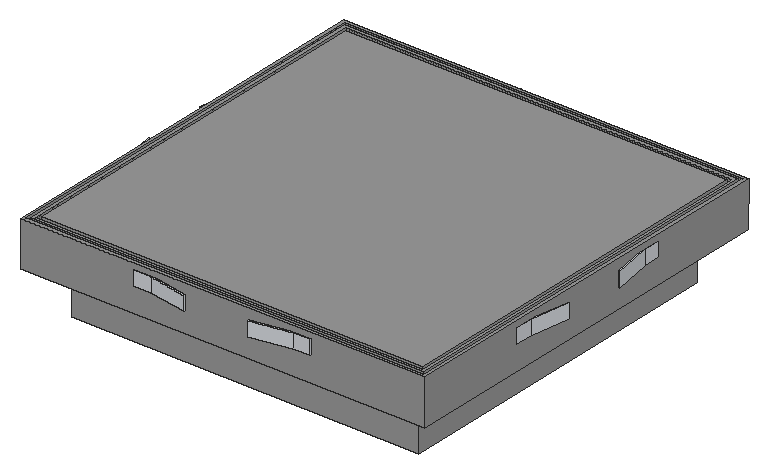
Revit family "WAPT-600-600", category Generic Models, host Floor, Revit 2017
Family settings
  Host = Floor
  Can host rebar = No
  Round Connector Dimension = Use Diameter
  Part Type = Normal
  Always vertical = Yes
  Cut with Voids When Loaded = No
  Shared = Yes
  Room Calculation Point = No
Parameters (values of type "WAPT-600-600")
  vloerluik = geanodiseerd aluminium
  frame = geanodiseerd aluminium frame
  Weight (kg) = 24
  URL = "https://www.gortergroup.com/nl/producten/vloerluiken/wapt.html"
  Offset [instance] = 0 mm
  Model = "WAPT"
  C = 400 mm
  Bevestiging = "Frame gelaste ankers"
  Belastbaarheid = "7,5 kN/m² volgens NEN-EN1991"
  B = 600 mm
  A = 600 mm
Types (6, lengths in mm): name | Weight (kg) | B | A
  (no name) | 24 | 600 | 600
  WAPT-600-600 | 24 | 600 | 600
  WAPT-800-800 | 30 | 800 | 800
  WAPT-1000-1000 | 48 | 1000 | 1000
  WAPT-1000-1500 | 103 | 1000 | 1500
  WAPT-1000-2000 | 125 | 1000 | 2000
Reference planes
  plane 1 "Center (Front/Back)": y = 0
  plane 2: z = 0
  plane 3 "Center (Left/Right)": x = 0
  plane 4: y = 300
  plane 5: y = -300
  plane 6: x = -300
  plane 7: x = 300
  plane 8: z = -400
  plane 9: x = -355
  plane 10: y = 355
  plane 11: x = 355
  plane 12: y = -355
  plane 13: x = -332.5
  plane 14: x = 332.5
  plane 15: y = 332.5
  plane 16: y = -332.5
  plane 17: x = -282.5
  plane 18: x = 282.5
  plane 19: x = 305
  plane 20: y = 305
  plane 21: x = -305
  plane 22: y = -305
  plane 23: z = -75
  plane 24: x = 240
  plane 25: x = -240
  plane 26: y = 155
  plane 27: y = -155
  plane 28: x = 155
  plane 29: x = -155
  plane 30: x = 355
  plane 31: x = -355
  plane 32: x = -334.5
  plane 33: x = 334.5
  plane 34: y = -334.5
  plane 35: y = 334.5
  plane 36 "Top": z = 0
  plane 37: z = -25
  plane 38: z = -30
  plane 39: z = -10
  plane 40: y = 263
  plane 41: y = -263
Forms (mm)
  Extrusion 1, void
    sketch origin (0, 0, 0) x (1, 0, 0) y (0, 1, 0)
      loop
        line (-305, 305) -> (-305, -305) -> (305, -305) -> (305, 305) -> (-305, 305)
    from -400 to 0
  Sweep 2, solid, material "geanodiseerd aluminium frame" <- "frame"
    path origin (0, 0, 0) x (-1, 0, 0) y (0, -1, 0)
      loop
        line (300, -300) -> (300, 300) -> (-300, 300) -> (-300, -300) -> (300, -300)
    profile "WAPT_randprofiel : WAG_randprofiel" origin (-300, 0, 0) x (-1, 0, 0) y (0, 0, 1)
      loop
        line (55, -80) -> (55, 0) -> (50, 0) -> (50, -75) -> (5, -75) -> (5, -35) -> (0, -35) -> (0, -160) -> (5, -160) -> (5, -80) -> (55, -80)
  Sweep 3, void
    path origin (0, 0, 0) x (1, 0, 0) y (0, 1, 0)
      loop
        line (-300, 300) -> (-300, -300) -> (300, -300) -> (300, 300) -> (-300, 300)
    profile origin (-300, 0, 0) x (-1, 0, 0) y (0, 0, 1)
      loop
        line (0, 0) -> (0, -130) -> (55, -130) -> (55, 0) -> (0, 0)
  Sweep 4, solid, material "geanodiseerd aluminium frame" <- "frame"
    path origin (0, 0, 0) x (-1, 0, 0) y (0, -1, 0)
      loop
        line (263, -263) -> (263, 263) -> (-263, 263) -> (-263, -263) -> (263, -263)
    profile "WAPT_binnenprofiel : WAG_binnenprofiel" origin (-263, 0, 0) x (-1, 0, 0) y (0, 0, 1)
      loop
        line (0, -80) -> (5, -80) -> (5, -30) -> (82, -30) -> (82, 0) -> (77, 0) -> (77, -25) -> (0, -25) -> (0, -80)
  Extrusion 5, solid, material "geanodiseerd aluminium frame" <- "frame"
    sketch origin (-2542.234, 300, 4000) x (-1, 0, 0) y (0, 0, 1)
      loop
        line (-2279.234, -4025) -> (-2805.234, -4025) -> (-2805.234, -4030) -> (-2279.234, -4030) -> (-2279.234, -4025)
    from -37 to -563
  Extrusion 6, solid, material "geanodiseerd aluminium" <- "vloerluik"
    sketch origin (-2542.234, 300, 4015) x (-1, 0, 0) y (0, 0, 1)
      loop
        line (-2207.734, -4015) -> (-2876.734, -4015) -> (-2876.734, -4040) -> (-2207.734, -4040) -> (-2207.734, -4015)
    from 34.5 to -634.5
Cuts and joins
  joined: Sweep 4, Extrusion 5
Lines and regions (mm)
  model lines, style "draairichting"
    curve 1: line (-345, 345, 0) -> (0, -345, 0)
    curve 2: line (0, -345, 0) -> (350, 350, 0)
Dimensions and locks
  equal spacing: plane 6, plane 3 "Center (Left/Right)", plane 7
  "A": plane 6 to plane 7
  equal spacing: plane 5, plane 1 "Center (Front/Back)", plane 4
  "B": plane 5 to plane 4
  "C": level to plane 8
  locked: plane 12 to plane 5 at 55
  locked: plane 9 to plane 6 at 55
  locked: plane 7 to plane 11 at 55
  locked: plane 10 to plane 4 at 55
  locked: plane 16 to plane 5 at 32.5
  locked: plane 15 to plane 4 at 32.5
  locked: plane 13 to plane 6 at 32.5
  locked: plane 7 to plane 14 at 32.5
  locked: plane 9 to plane 17 at 72.5
  locked: plane 18 to plane 11 at 72.5
  locked: plane 6 to Sweep 4 sketch curve at 37
  Sweep 4 sketch curve to plane 7 = 37 mm
  locked: plane 12 to plane 22 at 50
  locked: plane 10 to plane 20 at 50
  locked: plane 9 to plane 21 at 50
  locked: plane 19 to plane 11 at 50
  locked: level to plane 23 at 75
  plane 7 to plane 24 = 60 mm
  locked: plane 25 to plane 6 at 60
  plane 10 to plane 26 = 200 mm
  locked: plane 12 to plane 27 at 200
  locked: plane 28 to plane 11 at 200
  locked: plane 9 to plane 29 at 200
  locked: plane 3 "Center (Left/Right)" to plane 30 at 355
  locked: plane 31 to plane 3 "Center (Left/Right)" at 355
  plane 13 to plane 9 = 22.5 mm
  locked: plane 32 to plane 9 at 20.5
  locked: plane 33 to plane 11 at 20.5
  locked: plane 12 to plane 34 at 20.5
  plane 35 to plane 10 = 20.5 mm
  cut or joined group of Sweep 4, Extrusion 5 to Sweep 2 to Sweep 2 = 5 mm, 125 mm
  locked: plane 36 "Top" to plane 37 at 25
  locked: plane 37 to plane 38 at 5
  locked: plane 36 "Top" to plane 39 at 10
  "Offset": plane 36 "Top" to level
  locked: plane 40 to plane 4 at 37
  locked: plane 5 to plane 41 at 37
  aligned and locked: level to plane 2
  aligned and locked: Extrusion 1 to plane 8
  aligned and locked: level to Extrusion 1
  aligned and locked: Sweep 2 sketch curve to plane 4
  aligned and locked: plane 6 to Sweep 2 sketch curve
  aligned and locked: Sweep 2 sketch curve to plane 5
  aligned and locked: Sweep 2 sketch curve to plane 7
  aligned and locked: Sweep 3 sketch curve to plane 9
  aligned and locked: plane 6 to Sweep 3 sketch curve
  aligned and locked: plane 2 to Sweep 3 sketch curve
  aligned and locked: Extrusion 1 sketch curve to plane 19
  aligned and locked: Extrusion 1 sketch curve to plane 20
  aligned and locked: plane 21 to Extrusion 1 sketch curve
  aligned and locked: Extrusion 1 sketch curve to plane 22
  aligned and locked: nested 1 to plane 11
  aligned and locked: nested 1 to plane 26
  aligned and locked: nested 2 to plane 9
  aligned and locked: plane 26 to nested 2
  aligned and locked: plane 27 to nested 3
  aligned and locked: nested 4 to plane 27
  aligned and locked: plane 11 to nested 3
  aligned and locked: plane 11 to nested 1
  aligned and locked: plane 10 to nested 5
  aligned and locked: plane 28 to nested 5
  aligned and locked: nested 6 to plane 10
  aligned and locked: nested 6 to plane 29
  aligned and locked: plane 12 to nested 7
  aligned and locked: nested 8 to plane 12
  aligned and locked: plane 29 to nested 8
  aligned and locked: nested 7 to plane 28
  aligned and locked: plane 9 to nested 4
  aligned and locked: cut or joined group of Sweep 4, Extrusion 5 to Extrusion 5 sketch curve
  aligned and locked: Extrusion 5 sketch curve to cut or joined group of Sweep 4, Extrusion 5
  aligned and locked: Extrusion 6 to plane 32
  aligned and locked: Extrusion 6 to plane 33
  aligned and locked: plane 34 to Extrusion 6
  aligned and locked: plane 35 to Extrusion 6
  aligned and locked: plane 37 to cut or joined group of Sweep 4, Extrusion 5
  aligned and locked: cut or joined group of Sweep 4, Extrusion 5 to plane 38
  aligned and locked: plane 36 "Top" to Extrusion 6
  aligned and locked: Extrusion 6 to plane 37
  aligned and locked: plane 39 to nested 3
  aligned and locked: nested 1 to plane 39
  aligned and locked: plane 39 to nested 5
  aligned and locked: nested 6 to plane 39
  aligned and locked: nested 4 to plane 39
  aligned and locked: plane 39 to nested 2
  aligned and locked: plane 39 to nested 8
  aligned and locked: nested 7 to plane 39
  aligned and locked: cut or joined group of Sweep 4, Extrusion 5 to plane 40
  aligned and locked: plane 41 to cut or joined group of Sweep 4, Extrusion 5
  aligned and locked: plane 3 "Center (Left/Right)" to curve 1
Automatic sketch dimensions
  plane 5 to Sweep 3 sketch curve = 0 mm
  Sweep 3 sketch curve to plane 6 = 0 mm
  Sweep 3 sketch curve to plane 7 = 0 mm
  Sweep 3 sketch curve to plane 4 = 0 mm
  Sweep 3 sketch curve to level = 130 mm
  Extrusion 6 sketch curve to plane 18 = 52 mm
  Extrusion 6 sketch curve to plane 17 = 52 mm
  Extrusion 6 sketch curve to level = 25 mm
  Extrusion 6 sketch curve to Extrusion 6 sketch curve = 25 mm
  curve 1 to Extrusion 6 = 10.5 mm  (x3)
  curve 2 to Extrusion 6 = 15.5 mm  (x2)
  Sweep 4 sketch curve to plane 4 = 37 mm
  Sweep 4 sketch curve to plane 5 = 37 mm
  Extrusion 5 sketch curve to plane 23 = 50 mm
  Extrusion 5 sketch curve to Extrusion 5 sketch curve = 5 mm
Nested families
  nested 1: "WAG_klemstrip" at (355, 155, -35), type "WAG_klemstrip"
  nested 2: "WAG_klemstrip" at (-355, 155, -35) x (-1, 0, 0) z (0, 0, 1), type "WAG_klemstrip"
  nested 3: "WAG_klemstrip" at (355, -155, -35), type "WAG_klemstrip"
  nested 4: "WAG_klemstrip" at (-355, -155, -35) x (-1, 0, 0) z (0, 0, 1), type "WAG_klemstrip"
  nested 5: "WAG_klemstrip" at (155, 355, -35) x (0, 1, 0) z (0, 0, 1), type "WAG_klemstrip"
  nested 6: "WAG_klemstrip" at (-155, 355, -35) x (0, 1, 0) z (0, 0, 1), type "WAG_klemstrip"
  nested 7: "WAG_klemstrip" at (155, -355, -35) x (0, -1, 0) z (0, 0, 1), type "WAG_klemstrip"
  nested 8: "WAG_klemstrip" at (-155, -355, -35) x (0, -1, 0) z (0, 0, 1), type "WAG_klemstrip"
Definition of nested family "WAG_klemstrip"
  Reference planes
    plane 1 "Center (Front/Back)": y = 0
    plane 2: z = 0
    plane 3 "Center (Left/Right)": x = 0
    plane 4: z = 25
  Forms (mm)
    Extrusion 1, solid
      sketch origin (0, 0, 0) x (1, 0, 0) y (0, 1, 0)
        loop
          line (0, 0) -> (2, 0) -> (2, 29.825) -> (14.125, 98.589) -> (12.155, 98.937) -> (0, 30) -> (0, 0)
      from 0 to 25
  Dimensions and locks
    locked: plane 4 to level at 25
    aligned and locked: level to plane 2
    aligned and locked: plane 4 to Extrusion 1
